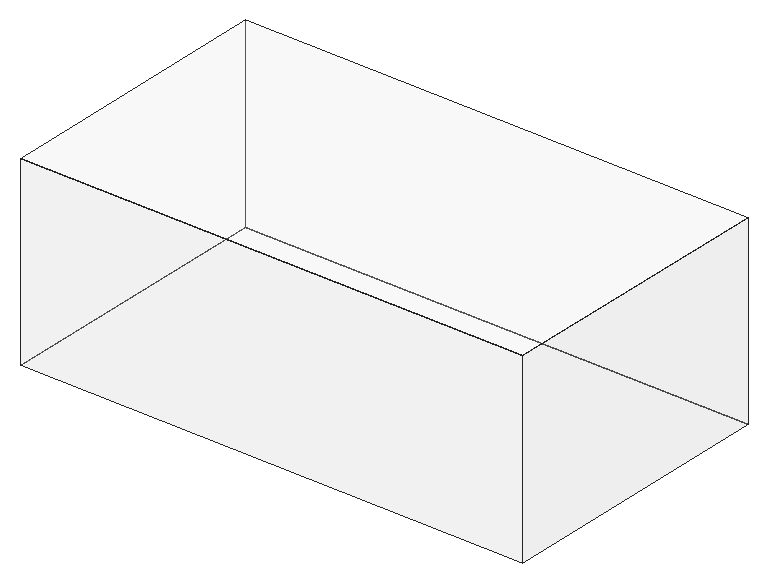
Revit family "plfy-mp22_140lm_60Hz", category 機械設備, Revit 2019
Family settings
  丸型コネクタ寸法 = 直径を使用
  パーツ タイプ = 標準
  OmniClass 番号 = 23.75.10.24.21.27.27
  OmniClass タイトル = Split System Air Conditioning Units
  作業面ベース = いいえ
  常に垂直 = はい
  ロード時にボイドで切り取り = いいえ
  共有 = いいえ
  部屋計算ポイント = はい
Parameters (values of type "PLFY-MP22LM")
  風量（弱）（m3／min） = 6.5
  風量（中2）（m3／min） = 7.4
  風量（中1）（m3／min） = 7.9
  風量（m3／min） = 9.1
  風量 = MAX風量  # 546.0 m³/h
  音響パワーレベル（弱）(dB) = 49
  音響パワーレベル（中2）(dB) = 51
  音響パワーレベル（中1）(dB) = 52
  音響パワーレベル(dB) = 53
  電源種別 = ""
  電源_H = 0 mm
  電圧_電気ヒーター = 0 V
  電圧 = 200 V
  電動機出力_送風機 = 0.05 kW
  運転質量 = 0.00 kg
  連動 = ""
  質量 = if(製品質量 > 運転質量, 製品質量, 運転質量) * 1.2  # 24.00 kg
  負荷分類 = 3_ファン類
  説明 = "ビル用マルチエアコン 天井カセット形（2方向吹出）室内機"
  設計暖房能力 = 0.00 kW
  設計冷房能力_顕熱 = 0 kW
  設計冷房能力 = 0 kW
  設置方法 = "カセット形"
  記号 = ""
  製造元 = "三菱電機株式会社"
  製品質量 = 20.00 kg
  製品出荷対象 = "国内"
  製品リリース年月 = "2024/9/30"
  製品グループ = ""
  系統 = ""
  符号 = "ACP_CK2"
  積算_科目 = "1 空気調和設備"
  積算_拾い区分 [instance] = ""
  相_電気ヒーター = 1
  相 = 1
  盤記号 = ""
  発停方法 = "付属スイッチ"
  特殊仕様 = ""
  火災停止 = ""
  消費電力_電気ヒーター = 0.00 kW
  消費電力_暖房 = 0.03 kW
  消費電力_加湿器 = 0.00 kW
  消費電力_冷房 = 0.03 kW
  消費電力 = if(消費電力_冷房 > 消費電力_暖房, 消費電力_冷房, 消費電力_暖房) + 消費電力_加湿器 + 消費電力_電気ヒーター  # 0.03 kW
  法定耐用年数 = "15"
  機外静圧 = 0.0 Pa
  極数 = 1
  材質 = ""
  本体マテリアル = none
  有効加湿量 = 0
  暖房能力 = 2.50 kW
  形式_加湿器 = ""
  形式 = "カセット形（2方向吹出形）"
  幹線記号 = ""
  始動方式 = "直入"
  呼称 = "室内機_カセット形（2方向吹出形）"
  周波数 = 60 Hz
  吊り位置Y = 824 mm
  吊り位置X = 574 mm
  吊りボルト_H = 165 mm
  台数_手元リモコン = ""
  台数_冷媒分岐ユニット = ""
  参照している仕様書等のバージョン = "公共建築工事標準仕様書（機械設備工事編）平成31年度版"
  加湿給水管径 = 0 mm
  分類コード = "50053003221020"
  分類グループ = ""
  冷房能力 = 2.2 kW
  冷媒高低圧ガス管径 = 0 mm
  冷媒管径符号 = "Ac"
  冷媒管径 = 100 mm
  冷媒液管高さ = 233 mm
  冷媒液管長さ = 67 mm
  冷媒液管径 = 6.35 mm
  冷媒ガス管高さ = 233 mm
  冷媒ガス管長さ = 78 mm
  冷媒ガス管径 = 12.7 mm
  企業コード = "108420"
  付属品_フィルター = ""
  付属品 = ""
  仕様書バージョン = "Version1.0"
  モデル = "PLFY-MP22LM"
  パネルマテリアル = none
  ドレン管高さ = 295 mm
  ドレン管径 = 32 mm
  サービススペース = yes
  コメント [instance] = ""
  ケーブル種類 = ""
  ケーブルサイズ = 1.6 mm
  Width = 650 mm
  Version = ""
  Uniclass2015Version = "Systems v1.9"
  Uniclass2015Title = "Split coil remote air cooled condensing units"
  Uniclass2015Code = "Pr_70_65_03_84"
  URL = "https://www.mitsubishielectric.co.jp/ldg/wink/qr/002/335176/"
  SpecificationReference = ""
  SpecificationDescription = ""
  S_H = 364 mm
  Revision = ""
  ProductInformation = ""
  OmniClassCode = "23-33 17 13 11"
  MIN風量 = 風量（弱）（m3／min） * 60.0 m³/h  # 390.0 m³/h
  MID風量2 = 風量（中2）（m3／min） * 60.0 m³/h  # 444.0 m³/h
  MID風量 = 風量（中1）（m3／min） * 60.0 m³/h  # 474.0 m³/h
  MAX風量 = 風量（m3／min） * 60.0 m³/h  # 546.0 m³/h
  IfcTypeProduct = ""
  IfcProduct = ""
  IfcExportType = "AIRCONDITIONINGUNIT"
  IfcExportAs = "IfcUnitaryEquipmentType"
  Height = 290 mm
  Depth = 770 mm
  Clearance Top = 355 mm
  Clearance Right = 1500 mm
  Clearance Left = 1500 mm
  Clearance Front = 500 mm
  Clearance Bottom = 1000 mm
  Clearance Back = 500 mm
  Author = "三菱電機株式会社"
Types (10, lengths in mm): name | 風量（弱）（m3／min） | 風量（中2）（m3／min） | 風量（中1）（m3／min） | 風量（m3／min） | 風量 | 音響パワーレベル（弱）(dB) | 音響パワーレベル（中2）(dB) | 音響パワーレベル（中1）(dB) | 音響パワーレベル(dB) | 電動機出力_送風機 | 質量 | 製品質量 | 消費電力_暖房 | 消費電力_冷房 | 消費電力 | 暖房能力 | 吊り位置Y | 冷房能力 | 冷媒管径符号 | 冷媒液管長さ | 冷媒液管径 | 冷媒ガス管長さ | 冷媒ガス管径 | モデル | URL | S_H | MIN風量 | MID風量2 | MID風量 | MAX風量 | Height | Depth | Clearance Top
  PLFY-MP22LM | 6.5 | 7.4 | 7.9 | 9.1 | 546.0 m³/h | 49 | 51 | 52 | 53 | 0.05 kW | 24.00 kg | 20.00 kg | 0.03 kW | 0.03 kW | 0.03 kW | 2.50 kW | 824 | 2.2 kW | "Ac" | 67 | 6.35 | 78 | 12.7 | "PLFY-MP22LM" | "https://www.mitsubishielectric.co.jp/ldg/wink/qr/002/335176/" | 364 | 390.0 m³/h | 444.0 m³/h | 474.0 m³/h | 546.0 m³/h | 290 | 770 | 355
  PLFY-MP28LM | 6.5 | 7.4 | 7.9 | 9.1 | 546.0 m³/h | 49 | 51 | 52 | 53 | 0.05 kW | 24.00 kg | 20.00 kg | 0.03 kW | 0.03 kW | 0.03 kW | 3.20 kW | 824 | 2.8 kW | "Ac" | 67 | 6.35 | 78 | 12.7 | "PLFY-MP28LM" | "https://www.mitsubishielectric.co.jp/ldg/wink/qr/002/335177/" | 364 | 390.0 m³/h | 444.0 m³/h | 474.0 m³/h | 546.0 m³/h | 290 | 770 | 355
  PLFY-MP36LM | 6.2 | 7.3 | 8.4 | 9.1 | 546.0 m³/h | 50 | 51 | 52 | 53 | 0.05 kW | 25.20 kg | 21.00 kg | 0.03 kW | 0.03 kW | 0.03 kW | 4.00 kW | 824 | 3.6 kW | "Ac" | 67 | 6.35 | 78 | 12.7 | "PLFY-MP36LM" | "https://www.mitsubishielectric.co.jp/ldg/wink/qr/002/335178/" | 364 | 372.0 m³/h | 438.0 m³/h | 504.0 m³/h | 546.0 m³/h | 290 | 770 | 355
  PLFY-MP45LM | 6.8 | 8.2 | 8.9 | 10.2 | 612.0 m³/h | 51 | 54 | 55 | 56 | 0.05 kW | 25.20 kg | 21.00 kg | 0.04 kW | 0.04 kW | 0.04 kW | 5.00 kW | 824 | 4.5 kW | "Ac" | 67 | 6.35 | 78 | 12.7 | "PLFY-MP45LM" | "https://www.mitsubishielectric.co.jp/ldg/wink/qr/002/335179/" | 364 | 408.0 m³/h | 492.0 m³/h | 534.0 m³/h | 612.0 m³/h | 290 | 770 | 355
  PLFY-MP56LM | 9 | 10.4 | 11.5 | 13 | 780.0 m³/h | 53 | 55 | 56 | 57 | 0.05 kW | 28.80 kg | 24.00 kg | 0.05 kW | 0.05 kW | 0.05 kW | 6.30 kW | 994 | 5.6 kW | "Ac" | 67 | 6.35 | 78 | 12.7 | "PLFY-MP56LM" | "https://www.mitsubishielectric.co.jp/ldg/wink/qr/002/335180/" | 364 | 540.0 m³/h | 624.0 m³/h | 690.0 m³/h | 780.0 m³/h | 290 | 940 | 355
  PLFY-MP71LM | 9.3 | 11.4 | 13.5 | 15.2 | 912.0 m³/h | 55 | 58 | 59 | 61 | 0.05 kW | 31.20 kg | 26.00 kg | 0.07 kW | 0.07 kW | 0.07 kW | 8.00 kW | 994 | 7.1 kW | "Bd" | 67 | 9.52 | 78 | 15.88 | "PLFY-MP71LM" | "https://www.mitsubishielectric.co.jp/ldg/wink/qr/002/335181/" | 364 | 558.0 m³/h | 684.0 m³/h | 810.0 m³/h | 912.0 m³/h | 290 | 940 | 355
  PLFY-MP80LM | 13.5 | 14.7 | 16.2 | 19 | 1140.0 m³/h | 56 | 58 | 59 | 60 | 0.10 kW | 49.20 kg | 41.00 kg | 0.06 kW | 0.06 kW | 0.06 kW | 9.00 kW | 1494 | 8 kW | "Bd" | 71 | 9.52 | 83 | 15.88 | "PLFY-MP80LM" | "https://www.mitsubishielectric.co.jp/ldg/wink/qr/002/335182/" | 405 | 810.0 m³/h | 882.0 m³/h | 972.0 m³/h | 1140.0 m³/h | 331 | 1440 | 396
  PLFY-MP90LM | 15.1 | 16.6 | 19.1 | 22.4 | 1344.0 m³/h | 57 | 59 | 60 | 61 | 0.10 kW | 49.20 kg | 41.00 kg | 0.08 kW | 0.08 kW | 0.08 kW | 10.00 kW | 1494 | 9 kW | "Bd" | 71 | 9.52 | 83 | 15.88 | "PLFY-MP90LM" | "https://www.mitsubishielectric.co.jp/ldg/wink/qr/002/335183/" | 405 | 906.0 m³/h | 996.0 m³/h | 1146.0 m³/h | 1344.0 m³/h | 331 | 1440 | 396
  PLFY-MP112LM | 16.9 | 19.2 | 21.7 | 24.3 | 1458.0 m³/h | 59 | 61 | 62 | 63 | 0.10 kW | 54.00 kg | 45.00 kg | 0.10 kW | 0.10 kW | 0.10 kW | 12.50 kW | 1494 | 11.2 kW | "Bd" | 71 | 9.52 | 83 | 15.88 | "PLFY-MP112LM" | "https://www.mitsubishielectric.co.jp/ldg/wink/qr/002/335184/" | 405 | 1014.0 m³/h | 1152.0 m³/h | 1302.0 m³/h | 1458.0 m³/h | 331 | 1440 | 396
  PLFY-MP140LM | 22.8 | 25.3 | 28.2 | 31.5 | 1890.0 m³/h | 63 | 64 | 67 | 69 | 0.24 kW | 56.40 kg | 47.00 kg | 0.20 kW | 0.20 kW | 0.20 kW | 16.00 kW | 1494 | 14 kW | "Bd" | 71 | 9.52 | 83 | 15.88 | "PLFY-MP140LM" | "https://www.mitsubishielectric.co.jp/ldg/wink/qr/002/335185/" | 405 | 1368.0 m³/h | 1518.0 m³/h | 1692.0 m³/h | 1890.0 m³/h | 331 | 1440 | 396
Reference planes
  plane 1 "中心(正面/背面)": y = 0
  plane 2: z = 0
  plane 3 "中心(左/右)": x = 0
  plane 4: x = -355
  plane 5: x = 355
  plane 6: y = 540
  plane 7: y = -540
  plane 8: z = 355
  plane 9: z = 364
  plane 10: x = -287
  plane 11: x = 287
  plane 12: y = 412
  plane 13: y = -412
  plane 14: z = 65
  plane 15: y = 385
  plane 16: y = -385
  plane 17: x = -325
  plane 18: x = 325
  plane 19: x = -1855
  plane 20: x = 1855
  plane 21: y = 1040
  plane 22: y = -1040
  plane 23: z = 355
  plane 24: z = -20
  plane 25: z = -1020
  plane 26: x = 173
Dimensions and locks
  equal spacing: plane 4, plane 3 "中心(左/右)", plane 5
  plane 4 to plane 5 = 710 mm
  equal spacing: plane 7, plane 1 "中心(正面/背面)", plane 6
  plane 7 to plane 6 = 1080 mm
  locked: plane 12 to plane 6 at 128
  plane 7 to plane 13 = 128 mm
  plane 4 to plane 10 = 68 mm
  plane 11 to plane 5 = 68 mm
  "S_H": plane 9 to level
  "吊り位置X": plane 10 to plane 11
  equal spacing: plane 10, plane 3 "中心(左/右)", plane 11
  equal spacing: plane 13, plane 1 "中心(正面/背面)", plane 12
  "吊り位置Y": plane 13 to plane 12
  equal spacing: plane 16, plane 1 "中心(正面/背面)", plane 15
  "Depth": plane 16 to plane 15
  equal spacing: plane 17, plane 3 "中心(左/右)", plane 18
  "Width": plane 17 to plane 18
  locked: plane 14 to level at 65
  "Height": plane 8 to plane 14
  "Clearance Left": plane 19 to plane 4
  "Clearance Right": plane 5 to plane 20
  "Clearance Back": plane 6 to plane 21
  "Clearance Front": plane 22 to plane 7
  locked: level to plane 24 at 20
  "Clearance Bottom": plane 24 to plane 25
  "Clearance Top": plane 23 to level
  aligned and locked: level to plane 2
  aligned and locked: plane 10 to nested 2
  aligned and locked: plane 11 to nested 2
  aligned and locked: nested 2 to plane 12
  aligned and locked: plane 13 to nested 2
  aligned and locked: plane 1 "中心(正面/背面)" to nested 3
  aligned and locked: nested 3 to plane 3 "中心(左/右)"
  aligned and locked: plane 19 to nested 1
  aligned and locked: plane 20 to nested 1
  aligned and locked: nested 1 to plane 22
  aligned and locked: nested 1 to plane 21
  aligned and locked: plane 25 to nested 1
  aligned and locked: plane 8 to nested 1
Nested families
  nested 1: "サービススペース" at (0, 0, -332.5), visible <- "サービススペース", type "サービススペース"
    with Width 3710 mm, Height 1375 mm, Depth 2080 mm
  nested 2: "固定点" at (-287, -412, 0), type "固定点"
    with W 574 mm, D 824 mm
  nested 3: "PLFY-MP_LM" at (0, 0, 0) x (0, -1, 0) z (0, 0, 1), type "PLFY-MP_LM", detail levels coarse+medium
    with ユニット表示 yes
Connectors
  piping at (138, -452, 233), diameter 100, driven by "冷媒管径", driven by "冷媒管径符号"
    settings: on nested 3, index 1, connector inside diameter 609.6 mm, connector length 0 mm, flow factor 0, pipe flow 0.0 L/s, pressure drop 0.0 Pa, fitting loss kfactor 0, connector angle 0.00°, fixture units 0, engagement length 0 mm, angle of deflection 0.00°, flow configuration 1, flow direction 1, fitting loss method 4, system type 7, joint type 0, gender type 0, connector reference index -1, connector utility 0, adjustable connector no, is connector primary yes, connector description "Ac"
  piping at (-175, -442, 295), diameter 32, driven by "ドレン管径"
    settings: on nested 3, index 2, connector inside diameter 609.6 mm, connector length 0 mm, flow factor 0, pipe flow 0.0 L/s, pressure drop 0.0 Pa, fitting loss kfactor 0, connector angle 0.00°, fixture units 0, engagement length 0 mm, angle of deflection 0.00°, flow configuration 1, flow direction 2, fitting loss method 4, system type 16, joint type 0, gender type 0, connector reference index -1, connector utility 0, adjustable connector no, is connector primary no, connector description ""
  electrical at (75, -435, 83), driven by "極数", driven by "負荷分類", driven by "電圧", driven by "消費電力"
    settings: on nested 3, index 3, voltage 200 V, apparent load 30 VA, apparent load phase1 0 VA, apparent load phase2 0 VA, apparent load phase3 0 VA, power factor 1, load classification "3_ファン類", number of poles 1, system type 30, power factor state 1, is connector primary yes, connector utility no, sub classification motor no, connector description ""
Definition of nested family "サービススペース"
  Parameters (values of type "サービススペース")
    Width [instance] = 500 mm
    Height [instance] = 500 mm
    Depth [instance] = 500 mm
  Reference planes
    plane 1 "中心(正面/背面)": y = 0
    plane 2: z = 0
    plane 3 "中心(左/右)": x = 0
    plane 4: y = -250
    plane 5: x = 250
    plane 6: y = 250
    plane 7: x = -250
    plane 8: z = 250
    plane 9: z = -250
  Forms (mm)
    Extrusion 1, solid
      sketch origin (-638.939, 0, 72.39) x (1, 0, 0) y (0, 1, 0)
        loop
          line (388.939, 250) -> (388.939, -250) -> (888.939, -250) -> (888.939, 250) -> (388.939, 250)
      from -322.39 to 177.61
  Lines and regions (mm)
    symbolic lines
      curve 1: line (-250, 0, 250) -> (250, 0, 250)
      curve 2: line (-250, 0, -250) -> (-250, 0, 250)
      curve 3: line (250, 0, -250) -> (-250, 0, -250)
      curve 4: line (250, 0, 250) -> (250, 0, -250)
      curve 5: line (0, -250, 250) -> (0, 250, 250)
      curve 6: line (0, -250, -250) -> (0, -250, 250)
      curve 7: line (0, 250, -250) -> (0, -250, -250)
      curve 8: line (0, 250, 250) -> (0, 250, -250)
      curve 9: line (-250, 250, 0) -> (250, 250, 0)
      curve 10: line (-250, -250, 0) -> (-250, 250, 0)
      curve 11: line (250, -250, 0) -> (-250, -250, 0)
      curve 12: line (250, 250, 0) -> (250, -250, 0)
  Dimensions and locks
    equal spacing: plane 7, plane 3 "中心(左/右)", plane 5
    equal spacing: plane 4, plane 1 "中心(正面/背面)", plane 6
    "Depth": plane 4 to plane 6
    "Width": plane 7 to plane 5
    equal spacing: plane 8, plane 2, plane 9
    "Height": plane 8 to plane 9
    aligned and locked: plane 9 to curve 3
    aligned and locked: plane 7 to curve 2
    aligned and locked: curve 4 to plane 5
    aligned and locked: plane 5 to Extrusion 1
    aligned and locked: Extrusion 1 to plane 7
    aligned and locked: Extrusion 1 to plane 9
    aligned and locked: plane 8 to Extrusion 1
    aligned and locked: plane 9 to curve 7
  Automatic sketch dimensions
    plane 4 to Extrusion 1 sketch curve = 0 mm
    Extrusion 1 sketch curve to plane 7 = 0 mm
    Extrusion 1 sketch curve to plane 5 = 0 mm
    plane 6 to Extrusion 1 sketch curve = 0 mm
    curve 2 to plane 8 = 0 mm
    plane 4 to curve 11 = 0 mm
    curve 11 to plane 7 = 0 mm
    curve 11 to plane 5 = 0 mm
    plane 6 to curve 10 = 0 mm
    curve 7 to plane 4 = 0 mm
    curve 7 to plane 6 = 0 mm
    curve 6 to plane 8 = 0 mm
Definition of nested family "PLFY-MP_LM"
  Parameters (values of type "PLFY-MP_LM")
    配線取出口サイズ = 36 mm
    配線取出口-Z = 83 mm
    配線取出口-Y = 250 mm
    配線取出口-X = 50 mm
    液配管サイズ = 6.35 mm
    outline表示 [instance] = yes
    A = 幅さ + 310 mm  # 1080 mm
    高さ = 290 mm
    奥行き = 650 mm
    吊りボルト_H = 165 mm
    冷媒配管 = 100 mm
    冷媒液管径-Z = 233 mm
    冷媒液管径-Y = 222 mm
    冷媒液管径-X = 67 mm
    冷媒ガス管径-Z = 233 mm
    冷媒ガス管径-Y = 152 mm
    冷媒ガス管径-X = 78 mm
    ユニット表示 [instance] = yes
    ボルトピッチ = 574 mm
    ドレン配管サイズ = 32 mm
    ドレン管径-Z = 295 mm
    ドレン管径-Y = 500 mm
    ドレン管径-X = 57 mm
    ガス配管サイズ = 12.7 mm
    D = 幅さ + 54 mm  # 824 mm
    幅さ = 770 mm
    B = 幅さ + 270 mm  # 1040 mm
  Reference planes
    plane 1 "中心(正面/背面)": y = 0
    plane 2: z = 0
    plane 3 "中心(左/右)": x = 0
    plane 4: x = -540
    plane 5: x = 540
    plane 6: y = 355
    plane 7: y = -355
    plane 8: z = 355
    plane 9: z = -20
    plane 10: x = -385
    plane 11: x = 385
    plane 12: y = 325
    plane 13: y = -325
    plane 14: z = 45
    plane 15: x = -520
    plane 16: x = 520
    plane 17: x = 412
    plane 18: x = -412
    plane 19: z = 65
    plane 20: x = 490
    plane 21: x = -490
    plane 22: y = 287
    plane 23: y = -287
    plane 24: x = 463
    plane 25: y = 173
    plane 26: z = 233
    plane 27: x = 452
    plane 28: y = 103
    plane 29: x = 442
    plane 30: y = -175
    plane 31: z = 295
    plane 32: z = 364
    plane 33: y = 50
    plane 34: x = 435
    plane 35: y = 75
    plane 36: z = 83
    plane 37: z = 165
    plane 38: z = 163
    plane 39: z = 123
    plane 40: y = 307
    plane 41: y = 267
    plane 42: y = -267
    plane 43: y = -307
    plane 44: y = 292
    plane 45: y = 282
    plane 46: y = -282
    plane 47: y = -292
    plane 48: x = -425
    plane 49: x = 425
    plane 50: x = -387
    plane 51: x = 387
  Forms (mm)
    Extrusion 1, solid, visible <- "ユニット表示", detail levels fine
      sketch origin (0, 0, 0) x (1, 0, 0) y (0, 1, 0)
        loop
          line (-385, 325) -> (-385, -325) -> (385, -325) -> (385, 325) -> (-385, 325)
      from 65 to 355
    Extrusion 2, solid, visible <- "ユニット表示", detail levels fine
      sketch origin (-1437.329, -1524, 45) x (-1, 0, 0) y (0, -1, 0)
        loop
          line (-1025.329, -1849) -> (-1025.329, -1199) -> (-1849.329, -1199) -> (-1849.329, -1849) -> (-1025.329, -1849)
      from 0 to 20
    Extrusion 3, solid, visible <- "ユニット表示", detail levels fine
      sketch origin (-1437.329, -1524, 45) x (-1, 0, 0) y (0, -1, 0)
        loop
          line (-947.329, -1849) -> (-947.329, -1199) -> (-1927.329, -1199) -> (-1927.329, -1849) -> (-947.329, -1849)
      from 0 to -45
    Extrusion 4, solid, visible <- "ユニット表示", detail levels fine
      sketch origin (385, 1296.25, 1200) x (0, 1, 0) y (0, 0, 1)
        loop
          circle (-1123.25, -967) r 6.35
      from 0 to 78
    Extrusion 5, solid, visible <- "ユニット表示", detail levels fine
      sketch origin (385, 1296.25, 1200) x (0, 1, 0) y (0, 0, 1)
        loop
          circle (-1193.25, -967) r 3.175
      from 0 to 67
    Extrusion 6, solid, visible <- "ユニット表示", detail levels fine
      sketch origin (385, 1296.25, 1200) x (0, 1, 0) y (0, 0, 1)
        loop
          circle (-1471.25, -905) r 16
      from 0 to 57
    Extrusion 7, solid, visible <- "ユニット表示", detail levels fine
      sketch origin (385, 1296.25, 1200) x (0, 1, 0) y (0, 0, 1)
        loop
          circle (-1221.25, -1117) r 18
      from 0 to 50
    Extrusion 8, solid, visible <- "ユニット表示", detail levels fine
      sketch origin (385, 1296.25, 1200) x (0, 1, 0) y (0, 0, 1)
        loop
          circle (-1158.25, -967) r 50
      from 0 to 67
    Extrusion 9, solid, visible <- "ユニット表示", detail levels fine
      sketch origin (0, 0, 0) x (1, 0, 0) y (0, 1, 0)
        loop
          line (-540, 355) -> (-540, -355) -> (540, -355) -> (540, 355) -> (-540, 355)
      from 0 to -20
    Extrusion 10, solid, visible <- "ユニット表示", detail levels fine
      sketch origin (0, 0, 0) x (1, 0, 0) y (0, 1, 0)
        loop
          line (-407, 292) -> (-407, 282)
          arc (-407, 282) -> (-412, 277) -> (-417, 282) r 5
          line (-417, 282) -> (-425, 282) -> (-425, 267) -> (-385, 267) -> (-385, 307) -> (-425, 307) -> (-425, 292) -> (-417, 292)
          arc (-417, 292) -> (-412, 297) -> (-407, 292) r 5
        loop
          arc (407, 292) -> (412, 297) -> (417, 292) r 5
          line (417, 292) -> (425, 292) -> (425, 307) -> (385, 307) -> (385, 267) -> (425, 267) -> (425, 282) -> (417, 282)
          arc (417, 282) -> (412, 277) -> (407, 282) r 5
          line (407, 282) -> (407, 292)
        loop
          line (407, -292) -> (407, -282)
          arc (407, -282) -> (412, -277) -> (417, -282) r 5
          line (417, -282) -> (425, -282) -> (425, -267) -> (385, -267) -> (385, -307) -> (425, -307) -> (425, -292) -> (417, -292)
          arc (417, -292) -> (412, -297) -> (407, -292) r 5
        loop
          arc (-407, -292) -> (-412, -297) -> (-417, -292) r 5
          line (-417, -292) -> (-425, -292) -> (-425, -307) -> (-385, -307) -> (-385, -267) -> (-425, -267) -> (-425, -282) -> (-417, -282)
          arc (-417, -282) -> (-412, -277) -> (-407, -282) r 5
          line (-407, -282) -> (-407, -292)
      from 163 to 165
    Extrusion 11, solid, visible <- "ユニット表示", detail levels fine
      sketch origin (0, 0, 0) x (1, 0, 0) y (0, 1, 0)
        loop
          line (-387, 307) -> (-387, 267) -> (-385, 267) -> (-385, 307) -> (-387, 307)
        loop
          line (385, 307) -> (385, 267) -> (387, 267) -> (387, 307) -> (385, 307)
        loop
          line (385, -267) -> (385, -307) -> (387, -307) -> (387, -267) -> (385, -267)
        loop
          line (-387, -267) -> (-387, -307) -> (-385, -307) -> (-385, -267) -> (-387, -267)
      from 123 to 163
    Extrusion 12, solid, detail levels coarse+medium
      sketch origin (0, 0, 0) x (1, 0, 0) y (0, 1, 0)
        loop
          line (-385, 325) -> (-385, -325) -> (385, -325) -> (385, 325) -> (-385, 325)
      from -20 to 355
  Lines and regions (mm)
    symbolic lines
      curve 1: line (540, 355, 0) -> (-540, 355, 0)
      curve 2: line (-540, 355, 0) -> (-540, -355, 0)
      curve 3: line (-540, -355, 0) -> (540, -355, 0)
      curve 4: line (540, -355, 0) -> (540, 355, 0)
  Dimensions and locks
    equal spacing: plane 7, plane 1 "中心(正面/背面)", plane 6
    plane 7 to plane 6 = 710 mm
    equal spacing: plane 4, plane 3 "中心(左/右)", plane 5
    "A": plane 4 to plane 5
    locked: level to plane 9 at 20
    equal spacing: plane 13, plane 1 "中心(正面/背面)", plane 12
    "奥行き": plane 13 to plane 12
    equal spacing: plane 10, plane 3 "中心(左/右)", plane 11
    "幅さ": plane 10 to plane 11
    locked: plane 14 to level at 45
    equal spacing: plane 15, plane 3 "中心(左/右)", plane 16
    "B": plane 15 to plane 16
    equal spacing: plane 18, plane 3 "中心(左/右)", plane 17
    "D": plane 18 to plane 17
    locked: plane 19 to plane 14 at 20
    locked: plane 15 to plane 21 at 30
    locked: plane 20 to plane 16 at 30
    equal spacing: plane 23, plane 1 "中心(正面/背面)", plane 22
    "ボルトピッチ": plane 23 to plane 22
    "冷媒ガス管径-X": plane 11 to plane 24
    "冷媒ガス管径-Y": plane 25 to plane 12
    "冷媒液管径-X": plane 11 to plane 27
    "冷媒液管径-Y": plane 28 to plane 12
    "ドレン管径-X": plane 11 to plane 29
    "ドレン管径-Y": plane 30 to plane 12
    plane 32 to plane 8 = 9 mm
    "配線取出口-X": plane 11 to plane 34
    "配線取出口-Y": plane 35 to plane 12
    "配線取出口-Z": plane 36 to level
    "ドレン管径-Z": plane 31 to level
    "冷媒ガス管径-Z": plane 26 to level
    locked: plane 38 to plane 39 at 40
    locked: plane 37 to plane 38 at 2
    "吊りボルト_H": plane 37 to level
    plane 43 to plane 23 to plane 42 = 20 mm locked, 20 mm locked
    plane 41 to plane 22 to plane 40 = 20 mm locked, 20 mm locked
    plane 47 to plane 23 to plane 46 = 5 mm locked, 5 mm locked
    plane 45 to plane 22 to plane 44 = 5 mm locked, 5 mm locked
    locked: plane 48 to plane 10 at 40
    locked: plane 11 to plane 49 at 40
    locked: plane 11 to plane 51 at 2
    locked: plane 50 to plane 10 at 2
    "高さ": plane 8 to plane 19
    "ガス配管サイズ": diameter of Extrusion 4 sketch curve
    "液配管サイズ": diameter of Extrusion 5 sketch curve
    "ドレン配管サイズ": diameter of Extrusion 6 sketch curve
    "配線取出口サイズ": diameter of Extrusion 7 sketch curve
    "冷媒配管": diameter of Extrusion 8 sketch curve
    aligned and locked: level to plane 2
    aligned and locked: plane 12 to Extrusion 1 sketch curve
    aligned and locked: plane 10 to Extrusion 1 sketch curve
    aligned and locked: Extrusion 1 sketch curve to plane 13
    aligned and locked: Extrusion 1 sketch curve to plane 11
    aligned and locked: plane 8 to Extrusion 1
    aligned and locked: plane 12 to Extrusion 2 sketch curve
    aligned and locked: plane 18 to Extrusion 2 sketch curve
    aligned and locked: Extrusion 2 sketch curve to plane 13
    aligned and locked: Extrusion 2 sketch curve to plane 17
    aligned and locked: plane 19 to Extrusion 2
    aligned and locked: Extrusion 1 to Extrusion 2
    aligned and locked: plane 12 to Extrusion 3 sketch curve
    aligned and locked: plane 21 to Extrusion 3 sketch curve
    aligned and locked: Extrusion 3 sketch curve to plane 13
    aligned and locked: Extrusion 3 sketch curve to plane 20
    aligned and locked: Extrusion 3 to level
    aligned and locked: plane 14 to Extrusion 3
    aligned and locked: plane 26 to Extrusion 4 sketch curve
    aligned and locked: plane 25 to Extrusion 4 sketch curve
    aligned and locked: Extrusion 4 to plane 11
    aligned and locked: plane 24 to Extrusion 4
    aligned and locked: plane 26 to Extrusion 5 sketch curve
    aligned and locked: plane 28 to Extrusion 5 sketch curve
    aligned and locked: plane 27 to Extrusion 5
    aligned and locked: Extrusion 5 to plane 11
    aligned and locked: plane 31 to Extrusion 6 sketch curve
    aligned and locked: plane 30 to Extrusion 6 sketch curve
    aligned and locked: Extrusion 6 to plane 11
    aligned and locked: plane 29 to Extrusion 6
    aligned and locked: plane 36 to Extrusion 7 sketch curve
    aligned and locked: plane 35 to Extrusion 7 sketch curve
    aligned and locked: Extrusion 7 to plane 11
    aligned and locked: plane 34 to Extrusion 7
    aligned and locked: plane 26 to Extrusion 8 sketch curve
    aligned and locked: Extrusion 8 to plane 11
    aligned and locked: plane 27 to Extrusion 8
    aligned and locked: level to Extrusion 9
    aligned and locked: Extrusion 9 to plane 9
    aligned and locked: Extrusion 10 sketch curve to plane 10
    aligned and locked: plane 37 to Extrusion 10
    aligned and locked: Extrusion 10 to plane 38
    aligned and locked: plane 40 to Extrusion 10 sketch curve
    aligned and locked: plane 48 to Extrusion 10 sketch curve  (x2)
    aligned and locked: Extrusion 10 sketch curve to plane 41
    aligned and locked: Extrusion 10 sketch curve to plane 45
    aligned and locked: Extrusion 10 sketch curve to plane 44
    aligned and locked: plane 44 to Extrusion 10 sketch curve  (x3)
    aligned and locked: plane 45 to Extrusion 10 sketch curve  (x3)
    aligned and locked: plane 18 to Extrusion 10 sketch curve  (x4)
    aligned and locked: plane 10 to Extrusion 10 sketch curve
    aligned and locked: Extrusion 10 sketch curve to plane 42
    aligned and locked: plane 43 to Extrusion 10 sketch curve
    aligned and locked: plane 47 to Extrusion 10 sketch curve  (x3)
    aligned and locked: plane 46 to Extrusion 10 sketch curve  (x3)
    aligned and locked: Extrusion 10 sketch curve to plane 46
    aligned and locked: Extrusion 10 sketch curve to plane 47
    aligned and locked: Extrusion 10 sketch curve to plane 48  (x2)
    aligned and locked: plane 11 to Extrusion 10 sketch curve
    aligned and locked: Extrusion 10 sketch curve to plane 49  (x2)
    aligned and locked: plane 17 to Extrusion 10 sketch curve  (x4)
    aligned and locked: Extrusion 10 sketch curve to plane 43
    aligned and locked: plane 42 to Extrusion 10 sketch curve
    aligned and locked: plane 49 to Extrusion 10 sketch curve  (x2)
    aligned and locked: plane 41 to Extrusion 10 sketch curve
    aligned and locked: Extrusion 10 sketch curve to plane 11
    aligned and locked: Extrusion 10 sketch curve to plane 40
    aligned and locked: plane 40 to Extrusion 11 sketch curve
    aligned and locked: plane 50 to Extrusion 11 sketch curve  (x2)
    aligned and locked: Extrusion 11 sketch curve to Extrusion 10  (x8)
    aligned and locked: Extrusion 11 sketch curve to plane 41
    aligned and locked: Extrusion 11 sketch curve to plane 51  (x2)
    aligned and locked: Extrusion 11 sketch curve to plane 43
    aligned and locked: plane 42 to Extrusion 11 sketch curve
    aligned and locked: Extrusion 11 to Extrusion 10
    aligned and locked: Extrusion 11 to plane 39
    aligned and locked: curve 1 to Extrusion 9
    aligned and locked: curve 2 to Extrusion 9
    aligned and locked: curve 3 to Extrusion 9
    aligned and locked: curve 4 to Extrusion 9
  Automatic sketch dimensions
    Extrusion 9 sketch curve to plane 4 = 0 mm
    Extrusion 9 sketch curve to plane 5 = 0 mm
    plane 7 to Extrusion 9 sketch curve = 0 mm
    plane 6 to Extrusion 9 sketch curve = 0 mm
    Extrusion 10 sketch curve to plane 18 = 5 mm  (x2)
    Extrusion 10 sketch curve to plane 17 = 5 mm  (x2)
    plane 13 to Extrusion 12 sketch curve = 0 mm
    plane 21 to Extrusion 12 sketch curve = 105 mm
    Extrusion 12 sketch curve to plane 20 = 105 mm
    plane 12 to Extrusion 12 sketch curve = 0 mm
    plane 25 to Extrusion 8 sketch curve = 35 mm
Definition of nested family "固定点"
  Parameters (values of type "固定点")
    中心円 = 20 mm
    W [instance] = 1000 mm
    D [instance] = 1000 mm
  Reference planes
    plane 1 "中心(正面/背面)": y = 0
    plane 2: z = 0
    plane 3 "中心(左/右)": x = 0
    plane 4: x = 1000
    plane 5: y = 1000
  Lines and regions (mm)
    symbolic lines, detail levels fine
      curve 1: circle (0, 1000, 0) r 10 normal (0, 0, 1)
      curve 2: circle (0, 0, 0) r 10 normal (0, 0, 1)
      curve 3: circle (1000, 1000, 0) r 10 normal (0, 0, 1)
      curve 4: circle (1000, 0, 0) r 10 normal (0, 0, 1)
      curve 5: line (-200, 1000, 0) -> (1200, 1000, 0)
      curve 6: line (-200, 0, 0) -> (1200, 0, 0)
      curve 7: line (0, 1200, 0) -> (0, -200, 0)
      curve 8: line (1000, 1200, 0) -> (1000, -200, 0)
  Dimensions and locks
    "W": plane 3 "中心(左/右)" to plane 4
    "D": plane 1 "中心(正面/背面)" to plane 5
    "中心円": diameter of curve 1
    "中心円": diameter of curve 2
    "中心円": diameter of curve 3
    "中心円": diameter of curve 4
    aligned and locked: level to plane 2
    aligned and locked: plane 5 to curve 1
    aligned and locked: plane 3 "中心(左/右)" to curve 1
    aligned and locked: plane 3 "中心(左/右)" to curve 2
    aligned and locked: plane 1 "中心(正面/背面)" to curve 2
    aligned and locked: plane 4 to curve 3
    aligned and locked: plane 5 to curve 3
    aligned and locked: plane 1 "中心(正面/背面)" to curve 4
    aligned and locked: plane 4 to curve 4
    aligned and locked: plane 1 "中心(正面/背面)" to curve 6
    aligned and locked: curve 7 to plane 3 "中心(左/右)"
    aligned and locked: curve 8 to plane 4
  Automatic sketch dimensions
    curve 5 to plane 5 = 0 mm
    curve 6 to plane 3 "中心(左/右)" = 200 mm
    curve 5 to plane 3 "中心(左/右)" = 200 mm
    curve 4 to curve 6 = 200 mm
    curve 3 to curve 5 = 200 mm
    plane 1 "中心(正面/背面)" to curve 8 = 200 mm
    plane 1 "中心(正面/背面)" to curve 7 = 200 mm
    curve 3 to curve 8 = 200 mm
    curve 1 to curve 7 = 200 mm
